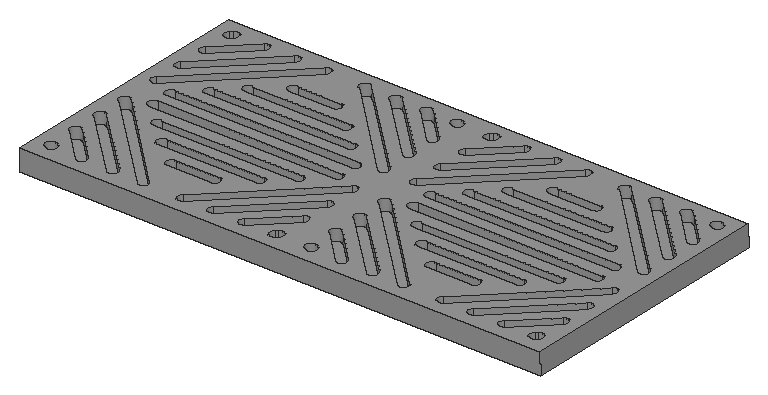
Revit family "dBA - 2 inch - Ceiling and Wall Panels 24x48", category Generic Models, Revit 2016
Family settings
  Part Type = Normal
  Can host rebar = No
  Round Connector Dimension = Use Diameter
  Work Plane-Based = Yes
  Always vertical = No
  Cut with Voids When Loaded = No
  Shared = No
  Room Calculation Point = No
Parameters (values of type "Charcoal")
  URL = "https://www.acousticalsurfaces.com/sound-silencer/dba-ceiling-wall-panel/"
  Material = "Sound Silencer dBA"
  Manufacturer = "Acoustical Surfaces, Inc."
  Finish = dBA - Charcoal
  Default Elevation = 4' - 0"
Types (2): name | Finish
  Charcoal | dBA - Charcoal
  White | dBA - White
Reference planes (in)
  plane 1 "Center (Front/Back)": y = 0
  plane 2: z = 0
  plane 3 "Center (Left/Right)": x = 0
Forms (in)
  Extrusion 1, solid, material "dBA - Charcoal" <- "Finish"
    sketch origin (-12, 0, 0) x (1, 0, 0) y (0, 1, 0)
      loop
        line (12, 12) -> (-12, 12) -> (-12, -12) -> (12, -12) -> (12, 12)
    from 0 to 1
  Extrusion 2, solid, material "dBA - Charcoal" <- "Finish"
    sketch origin (-12, 0, 1) x (1, 0, 0) y (0, 1, 0)
      loop
        line (12, 12) -> (-12, 12) -> (-12, -12) -> (12, -12) -> (12, 12)
      loop
        arc (-10.14645, -9.96967) -> (-10.85355, -9.96967) -> (-10.85355, -10.67678) r 0.5
        line (-10.85355, -10.67678) -> (-10.67678, -10.85355)
        arc (-10.67678, -10.85355) -> (-9.96967, -10.85355) -> (-9.96967, -10.14645) r 0.5
        line (-9.96967, -10.14645) -> (-10.14645, -9.96967)
      loop
        arc (-7.84835, -10.85355) -> (-7.14124, -10.85355) -> (-7.14124, -10.14645) r 0.5
        line (-7.14124, -10.14645) -> (-10.14645, -7.14124)
        arc (-10.14645, -7.14124) -> (-10.85355, -7.14124) -> (-10.85355, -7.84835) r 0.5
        line (-10.85355, -7.84835) -> (-7.84835, -10.85355)
      loop
        arc (-5.01992, -10.85355) -> (-4.31282, -10.85355) -> (-4.31282, -10.14645) r 0.5
        line (-4.31282, -10.14645) -> (-10.14645, -4.31282)
        arc (-10.14645, -4.31282) -> (-10.85355, -4.31282) -> (-10.85355, -5.01992) r 0.5
        line (-10.85355, -5.01992) -> (-5.01992, -10.85355)
      loop
        arc (-2.1915, -10.85355) -> (-1.48439, -10.85355) -> (-1.48439, -10.14645) r 0.5
        line (-1.48439, -10.14645) -> (-10.14645, -1.48439)
        arc (-10.14645, -1.48439) -> (-10.85355, -1.48439) -> (-10.85355, -2.1915) r 0.5
        line (-10.85355, -2.1915) -> (-2.1915, -10.85355)
      loop
        arc (2, -7.5) -> (2.5, -7) -> (2, -6.5) r 0.5
        line (2, -6.5) -> (-2, -6.5)
        arc (-2, -6.5) -> (-2.5, -7) -> (-2, -7.5) r 0.5
        line (-2, -7.5) -> (2, -7.5)
      loop
        arc (4.5, -5.5) -> (5, -5) -> (4.5, -4.5) r 0.5
        line (4.5, -4.5) -> (-4.5, -4.5)
        arc (-4.5, -4.5) -> (-5, -5) -> (-4.5, -5.5) r 0.5
        line (-4.5, -5.5) -> (4.5, -5.5)
      loop
        arc (6.5, -3.5) -> (7, -3) -> (6.5, -2.5) r 0.5
        line (6.5, -2.5) -> (-6.5, -2.5)
        arc (-6.5, -2.5) -> (-7, -3) -> (-6.5, -3.5) r 0.5
        line (-6.5, -3.5) -> (6.5, -3.5)
      loop
        arc (8.5, -1.5) -> (9, -1) -> (8.5, -0.5) r 0.5
        line (8.5, -0.5) -> (-8.5, -0.5)
        arc (-8.5, -0.5) -> (-9, -1) -> (-8.5, -1.5) r 0.5
        line (-8.5, -1.5) -> (8.5, -1.5)
      loop
        arc (8.5, 0.5) -> (9, 1) -> (8.5, 1.5) r 0.5
        line (8.5, 1.5) -> (-8.5, 1.5)
        arc (-8.5, 1.5) -> (-9, 1) -> (-8.5, 0.5) r 0.5
        line (-8.5, 0.5) -> (8.5, 0.5)
      loop
        arc (6.5, 2.5) -> (7, 3) -> (6.5, 3.5) r 0.5
        line (6.5, 3.5) -> (-6.5, 3.5)
        arc (-6.5, 3.5) -> (-7, 3) -> (-6.5, 2.5) r 0.5
        line (-6.5, 2.5) -> (6.5, 2.5)
      loop
        arc (4.5, 4.5) -> (5, 5) -> (4.5, 5.5) r 0.5
        line (4.5, 5.5) -> (-4.5, 5.5)
        arc (-4.5, 5.5) -> (-5, 5) -> (-4.5, 4.5) r 0.5
        line (-4.5, 4.5) -> (4.5, 4.5)
      loop
        line (-2, 6.5) -> (2, 6.5)
        arc (2, 6.5) -> (2.5, 7) -> (2, 7.5) r 0.5
        line (2, 7.5) -> (-2, 7.5)
        arc (-2, 7.5) -> (-2.5, 7) -> (-2, 6.5) r 0.5
      loop
        arc (-1.48439, 10.14645) -> (-1.48439, 10.85355) -> (-2.1915, 10.85355) r 0.5
        line (-2.1915, 10.85355) -> (-10.85355, 2.1915)
        arc (-10.85355, 2.1915) -> (-10.85355, 1.48439) -> (-10.14645, 1.48439) r 0.5
        line (-10.14645, 1.48439) -> (-1.48439, 10.14645)
      loop
        arc (-4.31282, 10.14645) -> (-4.31282, 10.85355) -> (-5.01992, 10.85355) r 0.5
        line (-5.01992, 10.85355) -> (-10.85355, 5.01992)
        arc (-10.85355, 5.01992) -> (-10.85355, 4.31282) -> (-10.14645, 4.31282) r 0.5
        line (-10.14645, 4.31282) -> (-4.31282, 10.14645)
      loop
        arc (-7.14124, 10.14645) -> (-7.14124, 10.85355) -> (-7.84835, 10.85355) r 0.5
        line (-7.84835, 10.85355) -> (-10.85355, 7.84835)
        arc (-10.85355, 7.84835) -> (-10.85355, 7.14124) -> (-10.14645, 7.14124) r 0.5
        line (-10.14645, 7.14124) -> (-7.14124, 10.14645)
      loop
        line (-10.14645, 9.96967) -> (-9.96967, 10.14645)
        arc (-9.96967, 10.14645) -> (-9.96967, 10.85355) -> (-10.67678, 10.85355) r 0.5
        line (-10.67678, 10.85355) -> (-10.85355, 10.67678)
        arc (-10.85355, 10.67678) -> (-10.85355, 9.96967) -> (-10.14645, 9.96967) r 0.5
      loop
        arc (10.14645, 1.48439) -> (10.85355, 1.48439) -> (10.85355, 2.1915) r 0.5
        line (10.85355, 2.1915) -> (2.1915, 10.85355)
        arc (2.1915, 10.85355) -> (1.48439, 10.85355) -> (1.48439, 10.14645) r 0.5
        line (1.48439, 10.14645) -> (10.14645, 1.48439)
      loop
        arc (10.14645, 4.31282) -> (10.85355, 4.31282) -> (10.85355, 5.01992) r 0.5
        line (10.85355, 5.01992) -> (5.01992, 10.85355)
        arc (5.01992, 10.85355) -> (4.31282, 10.85355) -> (4.31282, 10.14645) r 0.5
        line (4.31282, 10.14645) -> (10.14645, 4.31282)
      loop
        arc (10.14645, 7.14124) -> (10.85355, 7.14124) -> (10.85355, 7.84835) r 0.5
        line (10.85355, 7.84835) -> (7.84835, 10.85355)
        arc (7.84835, 10.85355) -> (7.14124, 10.85355) -> (7.14124, 10.14645) r 0.5
        line (7.14124, 10.14645) -> (10.14645, 7.14124)
      loop
        arc (10.14645, 9.96967) -> (10.85355, 9.96967) -> (10.85355, 10.67678) r 0.5
        line (10.85355, 10.67678) -> (10.67678, 10.85355)
        arc (10.67678, 10.85355) -> (9.96967, 10.85355) -> (9.96967, 10.14645) r 0.5
        line (9.96967, 10.14645) -> (10.14645, 9.96967)
      loop
        arc (1.48439, -10.14645) -> (1.48439, -10.85355) -> (2.1915, -10.85355) r 0.5
        line (2.1915, -10.85355) -> (10.85355, -2.1915)
        arc (10.85355, -2.1915) -> (10.85355, -1.48439) -> (10.14645, -1.48439) r 0.5
        line (10.14645, -1.48439) -> (1.48439, -10.14645)
      loop
        arc (4.31282, -10.14645) -> (4.31282, -10.85355) -> (5.01992, -10.85355) r 0.5
        line (5.01992, -10.85355) -> (10.85355, -5.01992)
        arc (10.85355, -5.01992) -> (10.85355, -4.31282) -> (10.14645, -4.31282) r 0.5
        line (10.14645, -4.31282) -> (4.31282, -10.14645)
      loop
        arc (7.14124, -10.14645) -> (7.14124, -10.85355) -> (7.84835, -10.85355) r 0.5
        line (7.84835, -10.85355) -> (10.85355, -7.84835)
        arc (10.85355, -7.84835) -> (10.85355, -7.14124) -> (10.14645, -7.14124) r 0.5
        line (10.14645, -7.14124) -> (7.14124, -10.14645)
      loop
        arc (9.96967, -10.14645) -> (9.96967, -10.85355) -> (10.67678, -10.85355) r 0.5
        line (10.67678, -10.85355) -> (10.85355, -10.67678)
        arc (10.85355, -10.67678) -> (10.85355, -9.96967) -> (10.14645, -9.96967) r 0.5
        line (10.14645, -9.96967) -> (9.96967, -10.14645)
    from 0 to 1
  Extrusion 3, solid, material "dBA - Charcoal" <- "Finish"
    sketch origin (12, 0, 0) x (1, 0, 0) y (0, 1, 0)
      loop
        line (12, 12) -> (-12, 12) -> (-12, -12) -> (12, -12) -> (12, 12)
    from 0 to 1
  Extrusion 4, solid, material "dBA - Charcoal" <- "Finish"
    sketch origin (12, 0, 1) x (1, 0, 0) y (0, 1, 0)
      loop
        line (12, 12) -> (-12, 12) -> (-12, -12) -> (12, -12) -> (12, 12)
      loop
        arc (-10.14645, -9.96967) -> (-10.85355, -9.96967) -> (-10.85355, -10.67678) r 0.5
        line (-10.85355, -10.67678) -> (-10.67678, -10.85355)
        arc (-10.67678, -10.85355) -> (-9.96967, -10.85355) -> (-9.96967, -10.14645) r 0.5
        line (-9.96967, -10.14645) -> (-10.14645, -9.96967)
      loop
        arc (-7.84835, -10.85355) -> (-7.14124, -10.85355) -> (-7.14124, -10.14645) r 0.5
        line (-7.14124, -10.14645) -> (-10.14645, -7.14124)
        arc (-10.14645, -7.14124) -> (-10.85355, -7.14124) -> (-10.85355, -7.84835) r 0.5
        line (-10.85355, -7.84835) -> (-7.84835, -10.85355)
      loop
        arc (-5.01992, -10.85355) -> (-4.31282, -10.85355) -> (-4.31282, -10.14645) r 0.5
        line (-4.31282, -10.14645) -> (-10.14645, -4.31282)
        arc (-10.14645, -4.31282) -> (-10.85355, -4.31282) -> (-10.85355, -5.01992) r 0.5
        line (-10.85355, -5.01992) -> (-5.01992, -10.85355)
      loop
        arc (-2.1915, -10.85355) -> (-1.48439, -10.85355) -> (-1.48439, -10.14645) r 0.5
        line (-1.48439, -10.14645) -> (-10.14645, -1.48439)
        arc (-10.14645, -1.48439) -> (-10.85355, -1.48439) -> (-10.85355, -2.1915) r 0.5
        line (-10.85355, -2.1915) -> (-2.1915, -10.85355)
      loop
        arc (2, -7.5) -> (2.5, -7) -> (2, -6.5) r 0.5
        line (2, -6.5) -> (-2, -6.5)
        arc (-2, -6.5) -> (-2.5, -7) -> (-2, -7.5) r 0.5
        line (-2, -7.5) -> (2, -7.5)
      loop
        arc (4.5, -5.5) -> (5, -5) -> (4.5, -4.5) r 0.5
        line (4.5, -4.5) -> (-4.5, -4.5)
        arc (-4.5, -4.5) -> (-5, -5) -> (-4.5, -5.5) r 0.5
        line (-4.5, -5.5) -> (4.5, -5.5)
      loop
        arc (6.5, -3.5) -> (7, -3) -> (6.5, -2.5) r 0.5
        line (6.5, -2.5) -> (-6.5, -2.5)
        arc (-6.5, -2.5) -> (-7, -3) -> (-6.5, -3.5) r 0.5
        line (-6.5, -3.5) -> (6.5, -3.5)
      loop
        arc (8.5, -1.5) -> (9, -1) -> (8.5, -0.5) r 0.5
        line (8.5, -0.5) -> (-8.5, -0.5)
        arc (-8.5, -0.5) -> (-9, -1) -> (-8.5, -1.5) r 0.5
        line (-8.5, -1.5) -> (8.5, -1.5)
      loop
        arc (8.5, 0.5) -> (9, 1) -> (8.5, 1.5) r 0.5
        line (8.5, 1.5) -> (-8.5, 1.5)
        arc (-8.5, 1.5) -> (-9, 1) -> (-8.5, 0.5) r 0.5
        line (-8.5, 0.5) -> (8.5, 0.5)
      loop
        arc (6.5, 2.5) -> (7, 3) -> (6.5, 3.5) r 0.5
        line (6.5, 3.5) -> (-6.5, 3.5)
        arc (-6.5, 3.5) -> (-7, 3) -> (-6.5, 2.5) r 0.5
        line (-6.5, 2.5) -> (6.5, 2.5)
      loop
        arc (4.5, 4.5) -> (5, 5) -> (4.5, 5.5) r 0.5
        line (4.5, 5.5) -> (-4.5, 5.5)
        arc (-4.5, 5.5) -> (-5, 5) -> (-4.5, 4.5) r 0.5
        line (-4.5, 4.5) -> (4.5, 4.5)
      loop
        line (-2, 6.5) -> (2, 6.5)
        arc (2, 6.5) -> (2.5, 7) -> (2, 7.5) r 0.5
        line (2, 7.5) -> (-2, 7.5)
        arc (-2, 7.5) -> (-2.5, 7) -> (-2, 6.5) r 0.5
      loop
        arc (-1.48439, 10.14645) -> (-1.48439, 10.85355) -> (-2.1915, 10.85355) r 0.5
        line (-2.1915, 10.85355) -> (-10.85355, 2.1915)
        arc (-10.85355, 2.1915) -> (-10.85355, 1.48439) -> (-10.14645, 1.48439) r 0.5
        line (-10.14645, 1.48439) -> (-1.48439, 10.14645)
      loop
        arc (-4.31282, 10.14645) -> (-4.31282, 10.85355) -> (-5.01992, 10.85355) r 0.5
        line (-5.01992, 10.85355) -> (-10.85355, 5.01992)
        arc (-10.85355, 5.01992) -> (-10.85355, 4.31282) -> (-10.14645, 4.31282) r 0.5
        line (-10.14645, 4.31282) -> (-4.31282, 10.14645)
      loop
        arc (-7.14124, 10.14645) -> (-7.14124, 10.85355) -> (-7.84835, 10.85355) r 0.5
        line (-7.84835, 10.85355) -> (-10.85355, 7.84835)
        arc (-10.85355, 7.84835) -> (-10.85355, 7.14124) -> (-10.14645, 7.14124) r 0.5
        line (-10.14645, 7.14124) -> (-7.14124, 10.14645)
      loop
        line (-10.14645, 9.96967) -> (-9.96967, 10.14645)
        arc (-9.96967, 10.14645) -> (-9.96967, 10.85355) -> (-10.67678, 10.85355) r 0.5
        line (-10.67678, 10.85355) -> (-10.85355, 10.67678)
        arc (-10.85355, 10.67678) -> (-10.85355, 9.96967) -> (-10.14645, 9.96967) r 0.5
      loop
        arc (10.14645, 1.48439) -> (10.85355, 1.48439) -> (10.85355, 2.1915) r 0.5
        line (10.85355, 2.1915) -> (2.1915, 10.85355)
        arc (2.1915, 10.85355) -> (1.48439, 10.85355) -> (1.48439, 10.14645) r 0.5
        line (1.48439, 10.14645) -> (10.14645, 1.48439)
      loop
        arc (10.14645, 4.31282) -> (10.85355, 4.31282) -> (10.85355, 5.01992) r 0.5
        line (10.85355, 5.01992) -> (5.01992, 10.85355)
        arc (5.01992, 10.85355) -> (4.31282, 10.85355) -> (4.31282, 10.14645) r 0.5
        line (4.31282, 10.14645) -> (10.14645, 4.31282)
      loop
        arc (10.14645, 7.14124) -> (10.85355, 7.14124) -> (10.85355, 7.84835) r 0.5
        line (10.85355, 7.84835) -> (7.84835, 10.85355)
        arc (7.84835, 10.85355) -> (7.14124, 10.85355) -> (7.14124, 10.14645) r 0.5
        line (7.14124, 10.14645) -> (10.14645, 7.14124)
      loop
        arc (10.14645, 9.96967) -> (10.85355, 9.96967) -> (10.85355, 10.67678) r 0.5
        line (10.85355, 10.67678) -> (10.67678, 10.85355)
        arc (10.67678, 10.85355) -> (9.96967, 10.85355) -> (9.96967, 10.14645) r 0.5
        line (9.96967, 10.14645) -> (10.14645, 9.96967)
      loop
        arc (1.48439, -10.14645) -> (1.48439, -10.85355) -> (2.1915, -10.85355) r 0.5
        line (2.1915, -10.85355) -> (10.85355, -2.1915)
        arc (10.85355, -2.1915) -> (10.85355, -1.48439) -> (10.14645, -1.48439) r 0.5
        line (10.14645, -1.48439) -> (1.48439, -10.14645)
      loop
        arc (4.31282, -10.14645) -> (4.31282, -10.85355) -> (5.01992, -10.85355) r 0.5
        line (5.01992, -10.85355) -> (10.85355, -5.01992)
        arc (10.85355, -5.01992) -> (10.85355, -4.31282) -> (10.14645, -4.31282) r 0.5
        line (10.14645, -4.31282) -> (4.31282, -10.14645)
      loop
        arc (7.14124, -10.14645) -> (7.14124, -10.85355) -> (7.84835, -10.85355) r 0.5
        line (7.84835, -10.85355) -> (10.85355, -7.84835)
        arc (10.85355, -7.84835) -> (10.85355, -7.14124) -> (10.14645, -7.14124) r 0.5
        line (10.14645, -7.14124) -> (7.14124, -10.14645)
      loop
        arc (9.96967, -10.14645) -> (9.96967, -10.85355) -> (10.67678, -10.85355) r 0.5
        line (10.67678, -10.85355) -> (10.85355, -10.67678)
        arc (10.85355, -10.67678) -> (10.85355, -9.96967) -> (10.14645, -9.96967) r 0.5
        line (10.14645, -9.96967) -> (9.96967, -10.14645)
    from 0 to 1
Cuts and joins
  joined: Extrusion 1, Extrusion 2, Extrusion 3, Extrusion 4
Dimensions and locks (in)
  aligned and locked: level to plane 2
